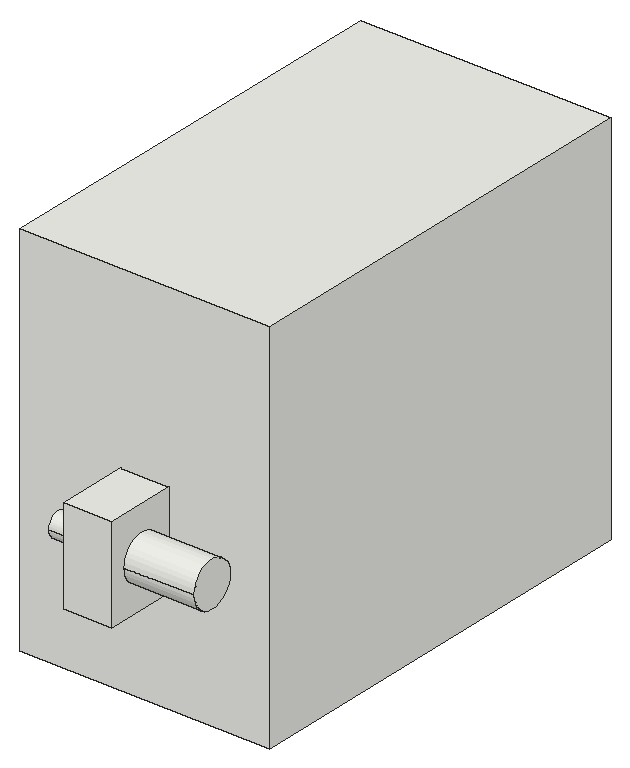
Revit family
Parameters (values of type "535 x 910 x 810mm")
  보일러 재료 = 금속 - 페인트 마감 - 아이보리색, 광택
  깊이 = 915.00 mm
  높이 = 810.00 mm
  폭 = 535.00 mm
  Assembly Code = ""
Reference planes
  plane 1 "중심(앞/뒤)": y = 0
  plane 2: z = 0
  plane 3 "중심(왼쪽/오른쪽)": x = 0
  plane 4: x = -267.5
  plane 5: x = 267.5
  plane 6: y = 457.5
  plane 7: y = -457.5
  plane 8: z = 810
  plane 9: y = -482.9
  plane 10: x = -50.8
  plane 11: x = 50.8
  plane 12: y = -613.607
  plane 13: y = -530.916
  plane 14: y = -505.516
  plane 15: z = 325.02
  plane 16: z = 426.62
  plane 17: z = 223.42
  plane 18: y = -578.631
  plane 19: y = -556.016
Forms (mm)
  Extrusion 1, solid, material "금속 - 페인트 마감 - 아이보리색, 광택" <- "보일러 재료"
    sketch origin (0, 0, 0) x (1, 0, 0) y (0, 1, 0)
      loop
        line (-267.5, -457.5) -> (267.5, -457.5) -> (267.5, 457.5) -> (-267.5, 457.5) -> (-267.5, -457.5)
    from 0 to 810
  Extrusion 2, solid, material "금속 - 페인트 마감 - 아이보리색, 광택" <- "보일러 재료"
    sketch origin (-50.8, -562.507, 426.62) x (0, 1, 0) y (0, 0, -1)
      loop
        circle (31.591, 101.6) r 25.4
    from 0 to 76.2
  Extrusion 3, solid, material "금속 - 페인트 마감 - 아이보리색, 광택" <- "보일러 재료"
    sketch origin (50.8, -562.507, 223.42) x (0, 1, 0) y (0, 0, 1)
      loop
        circle (31.591, 101.6) r 48.016
    from 0 to 152.4
  Extrusion 4, solid, material "금속 - 페인트 마감 - 아이보리색, 광택" <- "보일러 재료"
    sketch origin (-267.5, -457.5, 810) x (0, 0, -1) y (1, 0, 0)
      loop
        line (586.58, 216.7) -> (586.58, 318.3) -> (383.38, 318.3) -> (383.38, 216.7) -> (586.58, 216.7)
    from 0 to 152.4
Lines and regions (mm)
  symbolic lines
    curve 1: line (-267.5, -457.5, 0) -> (267.5, -457.5, 0)
    curve 2: line (-267.5, 457.5, 0) -> (-267.5, -457.5, 0)
    curve 3: line (267.5, 457.5, 0) -> (-267.5, 457.5, 0)
    curve 4: line (267.5, -457.5, 0) -> (267.5, 457.5, 0)
    curve 10: arc (63.5, 0, 0) -> (0, 63.5, 0) -> (-63.5, 0, 0) r 63.5
    curve 11: arc (-63.5, 0, 0) -> (0, -63.5, 0) -> (63.5, 0, 0) r 63.5
    curve 14: line (-50.8, -609.9, 0) -> (50.8, -609.9, 0)
    curve 15: line (-50.8, -457.5, 0) -> (-50.8, -609.9, 0)
    curve 16: line (50.8, -457.5, 0) -> (-50.8, -457.5, 0)
    curve 17: line (50.8, -609.9, 0) -> (50.8, -457.5, 0)
    curve 18: line (50.8, -578.631, 0) -> (203.2, -578.631, 0)
    curve 19: line (50.8, -482.9, 0) -> (50.8, -578.631, 0)
    curve 20: line (203.2, -482.9, 0) -> (50.8, -482.9, 0)
    curve 21: line (203.2, -578.631, 0) -> (203.2, -482.9, 0)
    curve 22: line (-50.8, -556.016, 0) -> (-127, -556.016, 0)
    curve 23: line (-50.8, -505.516, 0) -> (-50.8, -556.016, 0)
    curve 24: line (-127, -505.516, 0) -> (-50.8, -505.516, 0)
    curve 25: line (-127, -556.016, 0) -> (-127, -505.516, 0)
  model lines
    curve 5: line (-229.4, -457.5, 771.9) -> (229.4, -457.5, 771.9)
    curve 6: line (-229.4, -457.5, 480.361) -> (-229.4, -457.5, 771.9)
    curve 7: line (229.4, -457.5, 480.361) -> (-229.4, -457.5, 480.361)
    curve 8: line (229.4, -457.5, 771.9) -> (229.4, -457.5, 480.361)
    curve 9: line (229.4, -457.5, 68.058) -> (-229.4, -457.5, 68.058)
    curve 12: line (-229.4, -457.5, 68.058) -> (-229.4, -457.5, 0)
    curve 13: line (229.4, -457.5, 68.058) -> (229.4, -457.5, 0)
Dimensions and locks
  "높이": plane 8 to plane 2
  "깊이": plane 7 to plane 6
  equal spacing: plane 7, plane 1 "중심(앞/뒤)", plane 6
  equal spacing: plane 4, plane 3 "중심(왼쪽/오른쪽)", plane 5
  "폭": plane 4 to plane 5
  plane 10 to plane 11 = 101.60 mm
  equal spacing: plane 10, plane 3 "중심(왼쪽/오른쪽)", plane 11, locked at 50.8 each
  locked: Extrusion 2 to plane 10 at 76.2
  locked: plane 11 to Extrusion 3 at 152.4
  locked: plane 7 to plane 13 at 73.416
  locked: plane 12 to plane 7 at 156.107
  locked: plane 15 to plane 2 at 325.02
  locked: plane 16 to plane 2 at 426.62
  locked: plane 8 to curve 5 at 38.1
  locked: curve 7 to plane 2 at 480.361
  locked: curve 9 to plane 2 at 68.058
  locked: plane 14 to plane 13 at 25.4
  locked: plane 13 to plane 9 at 48.016
  aligned and locked: plane 5 to curve 4
  aligned and locked: curve 2 to Extrusion 1 sketch curve
  aligned and locked: Extrusion 1 sketch curve to curve 1
  aligned and locked: Extrusion 1 sketch curve to curve 3
  aligned and locked: Extrusion 1 sketch curve to curve 4
  aligned and locked: plane 8 to Extrusion 1
  aligned and locked: plane 10 to Extrusion 2
  aligned and locked: Extrusion 3 to plane 11
  aligned and locked: plane 10 to Extrusion 4 sketch curve
  aligned and locked: Extrusion 4 sketch curve to plane 17
  aligned and locked: plane 16 to Extrusion 4 sketch curve
  aligned and locked: plane 11 to Extrusion 4 sketch curve
  aligned and locked: curve 25 to Extrusion 2
  aligned and locked: Extrusion 3 to curve 21
Automatic sketch dimensions
  curve 13 to level = 0.00 mm
  curve 12 to level = 0.00 mm
  curve 9 to plane 5 = 38.10 mm
  curve 8 to plane 5 = 38.10 mm
  plane 4 to curve 5 = 38.10 mm
  plane 4 to curve 12 = 38.10 mm
  Extrusion 2 sketch curve to plane 15 = 0.00 mm
  Extrusion 2 sketch curve to plane 13 = 0.00 mm
  Extrusion 3 sketch curve to plane 15 = 0.00 mm
  Extrusion 3 sketch curve to plane 13 = 0.00 mm
  Extrusion 3 sketch curve to plane 9 = 0.00 mm
  Extrusion 2 sketch curve to Extrusion 2 sketch curve = 25.40 mm
  curve 3 to plane 4 = 0.00 mm
  curve 10 to plane 1 "중심(앞/뒤)" = 0.00 mm
  curve 16 to plane 7 = 0.00 mm
  curve 16 to plane 10 = 0.00 mm
  curve 24 to plane 10 = 0.00 mm
  curve 11 to plane 3 "중심(왼쪽/오른쪽)" = 0.00 mm
  curve 17 to plane 11 = 0.00 mm
  curve 18 to plane 11 = 0.00 mm
  curve 20 to plane 9 = 0.00 mm
  curve 21 to plane 18 = 0.00 mm
  curve 23 to plane 19 = 0.00 mm
  curve 24 to plane 14 = 0.00 mm
  curve 4 to plane 7 = 0.00 mm
  curve 3 to plane 6 = 0.00 mm
  curve 10 to plane 10 = 12.70 mm
  curve 14 to plane 12 = 3.707 mm
